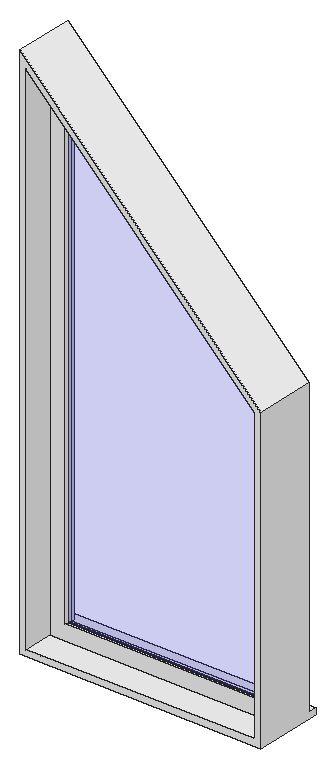
Revit family "Trapezoidal2", category Windows, host Wall, Revit 2012
Parameters
  Sill_Mat = Frame_Mat1
  Glass = Vidro
  Height = 1.00 m
  Frame_Mat2 = Frame_Mat 2
  Frame_Mat1 = Frame_Mat1
  Ext_Dist = 0.05 m
  Default Sill Height = 0.90 m
  TrimProjection = 0.025 m
  Wall Closure = By host
  Width = 0.80 m
  Ang2 = Ang1  # 45.00°
  Ang1 = 45.00°
Reference planes (m)
  plane 1 "Center (Front/Back)": y = 0
  plane 2 "Center (Left/Right)": x = 0
  plane 3 "Left": x = -0.4
  plane 4 "Right": x = 0.4
  plane 5 "Sill": z = 0.9
  plane 6 "Head": z = 1.9
  plane 7 "Exterior": y = 0.1
  plane 8 "Interior": y = -0.1
  plane 9: y = 0.05
Forms (m)
  Sweep 1, solid, material "Frame_Mat1" <- "Sill_Mat"
    path in 3D
      loop
        line (0.4, 0.1, 0.9) -> (0.4, 0.1, 1.9) -> (-0.4, 0.1, 2.7) -> (-0.4, 0.1, 0.9) -> (0.4, 0.1, 0.9)
    profile origin (0, 0.1, 0.9) x (0, 1, 0) y (0, 0, 1)
      loop
        line (0, 0) -> (0, 0.02) -> (-0.05, 0.02) -> (-0.05, 0.04) -> (-0.075, 0.04) -> (-0.075, 0.02) -> (-0.2, 0.02) -> (-0.2, 0) -> (0, 0)
  Sweep 2, solid, material "Frame_Mat 2" <- "Frame_Mat2"
    path in 3D
      loop
        line (0.36, 0.025, 0.94) -> (0.36, 0.025, 1.883431) -> (-0.36, 0.025, 2.603431) -> (-0.36, 0.025, 0.94) -> (0.36, 0.025, 0.94)
    profile origin (0, 0.025, 0.94) x (0, 1, 0) y (0, 0, 1)
      loop
        line (0, 0.03) -> (-0.01, 0.03) -> (-0.01, 0.02) -> (-0.015, 0.02) -> (-0.015, 0.03) -> (-0.025, 0.03) -> (-0.025, -0.02) -> (0, -0.02) -> (0, 0.03)
  Extrusion 3, solid, material "Vidro" <- "Glass"
    sketch origin (-0.34, 0.015, 0.96) x (1, 0, 0) y (0, 0, 1)
      loop
        line (0.67, 0.911005) -> (0.01, 1.571005) -> (0.01, 0.01) -> (0.67, 0.01) -> (0.67, 0.911005)
    from 0 to 0.005
  Extrusion 4, solid, material "Frame_Mat1" <- "Sill_Mat"
    sketch origin (0, 0.1, 0) x (1, 0, 0) y (0, 0, 1)
      loop
        line (0.4, 0.9) -> (0.4, 0.92) -> (-0.4, 0.92) -> (-0.4, 0.9) -> (0.4, 0.9)
    from 0 to -0.03
Cuts and joins
  joined: Sweep 1, Extrusion 4
Lines and regions (m)
  Opening 1
    outline origin (3.5, -0.1, 0) x (1, 0, 0) y (0, 0, 1)
      loop
        line (-3.1, 0.9) -> (-3.1, 1.9) -> (-3.9, 2.7) -> (-3.9, 0.9) -> (-3.1, 0.9)
  sketch lines
    curve 1: line (-0.4, 0.1, 0.9) -> (0.4, 0.1, 0.9)
    curve 2: line (-0.4, 0.1, 2.7) -> (-0.4, 0.1, 0.9)
    curve 3: line (0.4, 0.1, 1.9) -> (-0.4, 0.1, 2.7)
    curve 4: line (0.4, 0.1, 0.9) -> (0.4, 0.1, 1.9)
    curve 5: line (-0.36, 0.025, 0.94) -> (0.36, 0.025, 0.94)
    curve 6: line (-0.36, 0.025, 2.603431) -> (-0.36, 0.025, 0.94)
    curve 7: line (0.36, 0.025, 1.883431) -> (-0.36, 0.025, 2.603431)
    curve 8: line (0.36, 0.025, 0.94) -> (0.36, 0.025, 1.883431)
Text (m)
  text "EXTERIOR" at (-1.981535, 0.863181, 0), in view "Ref. Level"
  text "INTERIOR" at (-2.017992, -0.707606, 0), in view "Ref. Level"
  text "Exterior" at (0, 0.923751, 2.943296), in view "Right"
  text "Exterior" at (0, 1.019841, 2.788626), in view "Left"
Dimensions and locks (m)
  equal spacing: plane 3 "Left", plane 2 "Center (Left/Right)", plane 4 "Right"
  "Width": plane 3 "Left" to plane 4 "Right"
  "Height": plane 5 "Sill" to plane 6 "Head"
  "Default Sill Height": plane 5 "Sill" to level
  locked: plane 7 "Exterior" to host wall
  locked: plane 8 "Interior" to host wall
  "Ext_Dist": plane 9 to plane 7 "Exterior"
  "Ang1": angle Opening 1 sketch curve to plane 3 "Left"
  "Ang2": angle Opening 1 sketch curve to plane 4 "Right"
  aligned and locked: Extrusion 3 sketch curve to Sweep 2  (x4)
  aligned and locked: profile plane to Sweep 1 sketch curve
  aligned and locked: Sweep 1 sketch curve to host wall
  aligned and locked: Sweep 1 sketch curve to plane 9
  aligned and locked: Extrusion 4 sketch curve to host wall
  aligned and locked: host wall to Extrusion 4 sketch curve
  aligned and locked: Extrusion 4 sketch curve to plane 3 "Left"
  aligned and locked: Extrusion 4 sketch curve to Sweep 1
Automatic sketch dimensions
  Opening 1 sketch curve to plane 3 "Left" = 0.00 m
  Opening 1 sketch curve to plane 5 "Sill" = 0.00 m
  Opening 1 sketch curve to plane 6 "Head" = 0.00 m
  plane 4 "Right" to Opening 1 sketch curve = 0.00 m
  Sweep 2 sketch curve to profile plane = 0.00 m
  profile plane to Sweep 2 sketch curve = 0.01 m
  Sweep 2 sketch curve to Sweep 2 sketch curve = 0.005 m
  Sweep 2 sketch curve to Sweep 2 sketch curve = 0.01 m  (x2)
  Sweep 2 sketch curve to profile plane = 0.02 m
  profile plane to Sweep 2 sketch curve = 0.02 m
  Sweep 2 sketch curve to Sweep 2 sketch curve = 0.00 m
  Sweep 1 sketch curve to profile plane = 0.00 m
  Sweep 1 sketch curve to Sweep 1 sketch curve = 0.025 m
  profile plane to Sweep 1 sketch curve = 0.02 m  (x2)
  Sweep 1 sketch curve to Sweep 1 sketch curve = 0.02 m
